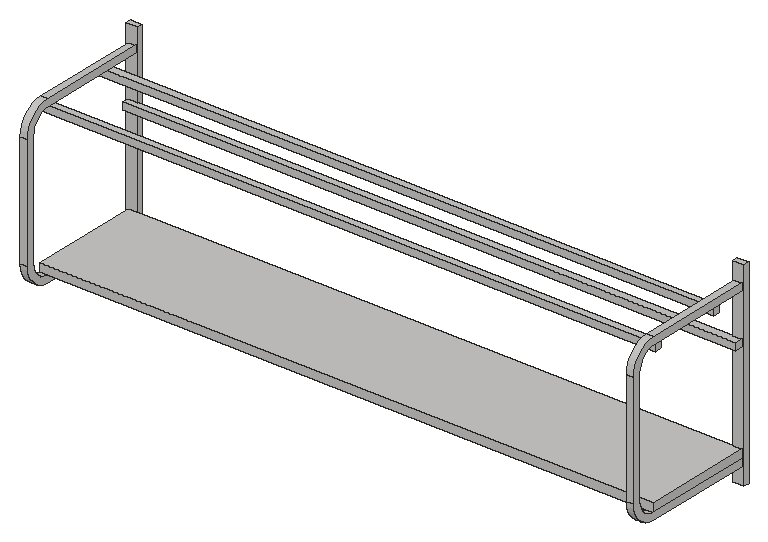
Revit family "QF_ELECTROLUXPROFESSIONAL_864358_DWWS4", category Attrezzature speciali, Revit 2020
Family settings
  Quota connettore circolare = Usa diametro
  Tipo di parte = Normale
  Basato su piano di lavoro = No
  Sempre verticale = Sì
  Taglio con vuoti quando caricato = No
  Condiviso = No
  Punto di calcolo locali = No
Parameters (values of type "Standard")
  Weight = 0.00 kg
  Watts = 0 W
  Volts = 0 V
  URL Manufacturer = ""
  URL = ""
  Steam Supply Size = 0 mm
  Steam Supply Minimum Pressure = 0.0 Pa
  Steam Supply Maximum Pressure = 0.0 Pa
  Steam Consumption per Hour = 0
  Show Clearance [instance] = yes
  Refrigeration Suction Line Size = 0 mm
  Refrigeration Liquid Line Size = 0 mm
  Refrigerant Compressor Remote = yes
  Prospetto di default = 0 mm
  Manufacturer = ""
  Phase = 0
  Model = ""
  Length Actual = 2180 mm  # constant formula
  Item Number = ""
  Hot Water Size = 0 mm
  Height Actual = 700 mm  # constant formula
  HP = ""
  Gas Size = 0 mm
  Gas KW = 0
  Gas Input Pressure = 0 W
  Direct Waste Size = 0 mm
  Description = ""
  Depth Actual = 500 mm  # constant formula
  Cycle = 0 Hz
  Condensate Return Size = 0 mm
  Compressed Air Volume = 0.0 L/s
  Compressed Air Size = 0 mm
  Compressed Air Pressure = 0.0 Pa
  Cold Water Size = 0 mm
  Accessory = yes
Reference planes
  plane 1 "Back": y = 0
  plane 2: z = -16
  plane 3 "FRONT": y = -497
  plane 4 "LEFT": x = -126
  plane 5 "RIGHT": x = 2054
  plane 6: x = 964
  plane 7: y = -248.5
  plane 8 "Sopra": z = 684
  plane 9: z = 384
  plane 10: x = -118.5
  plane 11: x = 2046.5
  plane 12: x = -93.5
  plane 13: x = -86
  plane 14: x = 2021.5
  plane 15: x = 2014
  plane 16: y = -20
  plane 17: y = -45
  plane 18: y = -120
  plane 19: y = -145
  plane 20: y = -375
  plane 21: y = -400
  plane 22: z = 44
  plane 23: z = 69
  plane 24: z = 99
  plane 25: z = 421.5
  plane 26: z = 574
  plane 27: z = 599
  plane 28: z = 624
  plane 29: z = 446.5
  plane 30: y = -400
Forms (mm)
  Extrusion 1, solid, material "QF_Finishes_Stainless Steel"
    sketch origin (0, 250, 0) x (-1, 0, 0) y (0, 0, 1)
      loop
        line (86, -16) -> (126, -16) -> (126, 684) -> (86, 684) -> (86, -16)
    from -270 to -250
  Extrusion 2, solid, material "QF_Finishes_Stainless Steel"
    sketch origin (928, 250, 0) x (1, 0, 0) y (0, 0, -1)
      loop
        line (1086, 16) -> (1086, -684) -> (1126, -684) -> (1126, 16) -> (1086, 16)
    from -270 to -250
  Extrusion 3, solid, material "QF_Finishes_Stainless Steel"
    sketch origin (0, 0, 0) x (0, 1, 0) y (0, 0, 1)
      loop
        line (-20, 624) -> (-407.392, 624)
        arc (-407.392, 624) -> (-470.754, 597.754) -> (-497, 534.392) r 89.608
        line (-497, 534.392) -> (-497, 133.608)
        arc (-497, 133.608) -> (-470.754, 70.246) -> (-407.392, 44) r 89.608
        line (-407.392, 44) -> (-20, 44) -> (-20, 69) -> (-407.392, 69)
        arc (-407.392, 69) -> (-453.077, 87.923) -> (-472, 133.608) r 64.608
        line (-472, 133.608) -> (-472, 534.392)
        arc (-472, 534.392) -> (-453.077, 580.077) -> (-407.392, 599) r 64.608
        line (-407.392, 599) -> (-20, 599) -> (-20, 624)
    from -118.5 to -93.5
  Extrusion 4, solid, material "QF_Finishes_Stainless Steel"
    sketch origin (928, 0, 0) x (0, 1, 0) y (0, 0, -1)
      loop
        line (-20, -624) -> (-20, -599) -> (-407.392, -599)
        arc (-407.392, -599) -> (-453.077, -580.077) -> (-472, -534.392) r 64.608
        line (-472, -534.392) -> (-472, -133.608)
        arc (-472, -133.608) -> (-453.077, -87.923) -> (-407.392, -69) r 64.608
        line (-407.392, -69) -> (-20, -69) -> (-20, -44) -> (-407.392, -44)
        arc (-407.392, -44) -> (-470.754, -70.246) -> (-497, -133.608) r 89.608
        line (-497, -133.608) -> (-497, -534.392)
        arc (-497, -534.392) -> (-470.754, -597.754) -> (-407.392, -624) r 89.608
        line (-407.392, -624) -> (-20, -624)
    from -1118.5 to -1093.5
  Extrusion 5, solid, material "QF_Finishes_Stainless Steel"
    sketch origin (0, 0, 0) x (0, 1, 0) y (0, 0, 1)
      loop
        line (-120, 599) -> (-145, 599) -> (-145, 574) -> (-120, 574) -> (-120, 599)
    from -118.5 to 2046.5
  Extrusion 6, solid, material "QF_Finishes_Stainless Steel"
    sketch origin (0, 0, 0) x (0, 1, 0) y (0, 0, 1)
      loop
        line (-375, 599) -> (-400, 599) -> (-400, 574) -> (-375, 574) -> (-375, 599)
    from -118.5 to 2046.5
  Extrusion 7, solid, material "QF_Finishes_Stainless Steel"
    sketch origin (0, 0, 0) x (0, 1, 0) y (0, 0, 1)
      loop
        line (-20, 446.5) -> (-45, 446.5) -> (-45, 421.5) -> (-20, 421.5) -> (-20, 446.5)
    from -118.5 to 2046.5
  Extrusion 8, solid, material "QF_Finishes_Stainless Steel"
    sketch origin (0, 0, 0) x (0, 1, 0) y (0, 0, 1)
      loop
        line (-20, 99) -> (-409.608, 99) -> (-409.608, 69) -> (-20, 69) -> (-20, 99)
    from -118.5 to 2046.5
Dimensions and locks
  plane 4 "LEFT" to plane 5 "RIGHT" = 2180 mm
  plane 3 "FRONT" to plane 1 "Back" = 497 mm
  equal spacing: plane 4 "LEFT", plane 6, plane 5 "RIGHT"
  equal spacing: plane 3 "FRONT", plane 7, plane 1 "Back"
  plane 8 "Sopra" to plane 2 = 700 mm
  plane 10 to plane 11 = 2165 mm
  equal spacing: plane 10, plane 6, plane 11
  locked: plane 10 to plane 12 at 25
  locked: plane 14 to plane 11 at 25
  locked: plane 12 to plane 13 at 7.5
  locked: plane 15 to plane 14 at 7.5
  plane 8 "Sopra" to plane 28 to plane 27 to plane 26 to plane 29 to plane 25 to plane 24 to plane 23 to plane 22 to plane 2 = 60 mm, 25 mm, 25 mm, 127.5 mm, 25 mm, 322.5 mm, 30 mm, 25 mm, 60 mm
  plane 16 to plane 17 to plane 18 to plane 19 to plane 20 to plane 21 = 25 mm locked, 75 mm locked, 25 mm locked, 230 mm locked, 25 mm locked
  locked: plane 16 to plane 30 at 380
  plane 1 "Back" to plane 16 = 20 mm
  aligned and locked: level to plane 2
  aligned and locked: Extrusion 1 sketch curve to level
  aligned and locked: plane 13 to Extrusion 1 sketch curve
  aligned and locked: Extrusion 1 sketch curve to plane 4 "LEFT"
  aligned and locked: plane 8 "Sopra" to Extrusion 1
  aligned and locked: plane 16 to Extrusion 1
  aligned and locked: Extrusion 1 to plane 1 "Back"
  aligned and locked: plane 1 "Back" to Extrusion 1
  aligned and locked: Extrusion 1 to plane 16
  aligned and locked: plane 10 to Extrusion 3
  aligned and locked: plane 12 to Extrusion 3
  aligned and locked: Extrusion 4 to plane 11
  aligned and locked: Extrusion 4 to plane 14
  aligned and locked: Extrusion 2 to plane 5 "RIGHT"
  aligned and locked: Extrusion 2 to plane 15
  aligned and locked: plane 27 to Extrusion 6 sketch curve
  aligned and locked: plane 20 to Extrusion 6 sketch curve
  aligned and locked: Extrusion 6 sketch curve to plane 26
  aligned and locked: Extrusion 6 sketch curve to plane 21
  aligned and locked: plane 26 to Extrusion 5 sketch curve
  aligned and locked: plane 19 to Extrusion 5 sketch curve
  aligned and locked: plane 18 to Extrusion 5 sketch curve
  aligned and locked: Extrusion 5 sketch curve to plane 27
  aligned and locked: plane 29 to Extrusion 7 sketch curve
  aligned and locked: Extrusion 7 sketch curve to plane 16
  aligned and locked: Extrusion 7 sketch curve to plane 25
  aligned and locked: plane 17 to Extrusion 7 sketch curve
  aligned and locked: plane 24 to Extrusion 8 sketch curve
  aligned and locked: Extrusion 8 sketch curve to plane 16
  aligned and locked: Extrusion 8 sketch curve to plane 23
  aligned and locked: Extrusion 3 to plane 23
  aligned and locked: plane 10 to Extrusion 6
  aligned and locked: plane 10 to Extrusion 7
  aligned and locked: plane 10 to Extrusion 5
  aligned and locked: Extrusion 6 to plane 11
  aligned and locked: Extrusion 5 to plane 11
  aligned and locked: Extrusion 7 to plane 11
  aligned and locked: plane 16 to Extrusion 2
  aligned and locked: Extrusion 8 to plane 11
Automatic sketch dimensions
  Extrusion 1 sketch curve to plane 8 "Sopra" = 0 mm
  Extrusion 2 sketch curve to plane 8 "Sopra" = 0 mm
  Extrusion 2 sketch curve to plane 15 = 0 mm
  plane 5 "RIGHT" to Extrusion 2 sketch curve = 0 mm
  Extrusion 2 sketch curve to level = 0 mm
  Extrusion 3 sketch curve to Extrusion 3 sketch curve = 0 mm  (x8)
  Extrusion 3 sketch curve to plane 3 "FRONT" = 0 mm
  Extrusion 3 sketch curve to plane 23 = 0 mm
  Extrusion 3 sketch curve to plane 22 = 0 mm
  Extrusion 3 sketch curve to plane 27 = 0 mm
  Extrusion 3 sketch curve to plane 16 = 0 mm  (x2)
  Extrusion 4 sketch curve to Extrusion 4 sketch curve = 0 mm  (x8)
  Extrusion 4 sketch curve to plane 3 "FRONT" = 0 mm
  plane 23 to Extrusion 4 sketch curve = 0 mm
  plane 22 to Extrusion 4 sketch curve = 0 mm
  Extrusion 4 sketch curve to plane 27 = 0 mm
  Extrusion 4 sketch curve to plane 16 = 0 mm  (x2)
  Extrusion 3 sketch curve to plane 21 = 7.392 mm  (x2)
  Extrusion 4 sketch curve to plane 21 = 7.392 mm  (x2)
  Extrusion 8 sketch curve to plane 21 = 9.608 mm
